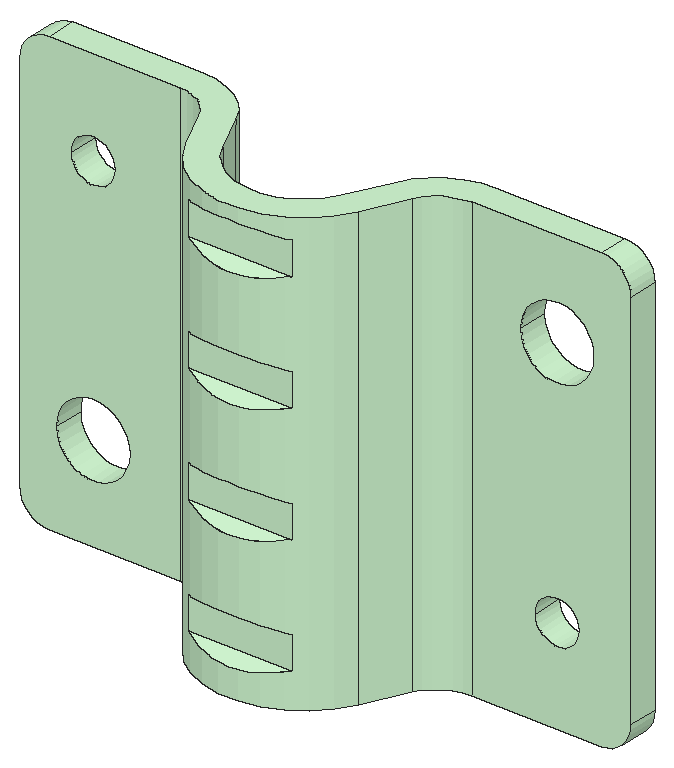
Revit family "ボルトホルダー", category 機械設備, Revit 2022
Family settings
  丸型コネクタ寸法 = 直径を使用
  パーツ タイプ = 標準
  OmniClass 番号 = 23.75.00.00
  OmniClass タイトル = Climate Control (HVAC)
  作業面ベース = いいえ
  常に垂直 = はい
  ロード時にボイドで切り取り = いいえ
  注釈の向きを維持 = いいえ
  共有 = いいえ
  部屋計算ポイント = いいえ
Parameters
  既定の高さ = 0 mm
  K_許容荷重(N) = 900
  K_品名 = "ボルトホルダー"
  K_名称 = "ボルトホルダー"
  K_入数 = "200"
  K_バージョン情報 = "20210714"
Reference planes
  plane 1 "中心(正面/背面)": y = 0
  plane 2: z = 0
  plane 3 "中心(左/右)": x = 0
Forms (mm)
  Extrusion 1, solid
    sketch origin (-0.159, 0.118, -20.583) x (1, 0, 0) y (0, 1, 0)
      loop
        line (20.75, 3.75) -> (9.917, 3.75)
        arc (9.917, 3.75) -> (7.242, 2.974) -> (5.397, 0.887) r 5
        line (5.397, 0.887) -> (4.068, -1.923)
        arc (4.068, -1.923) -> (0, -4.5) -> (-4.068, -1.923) r 4.5
        line (-4.068, -1.923) -> (-5.397, 0.887)
        arc (-5.397, 0.887) -> (-7.242, 2.974) -> (-9.917, 3.75) r 5
        line (-9.917, 3.75) -> (-20.75, 3.75) -> (-20.75, 1.75) -> (-9.917, 1.75)
        arc (-9.917, 1.75) -> (-8.312, 1.284) -> (-7.205, 0.032) r 3
        line (-7.205, 0.032) -> (-5.877, -2.778)
        arc (-5.877, -2.778) -> (0, -6.5) -> (5.877, -2.778) r 6.5
        line (5.877, -2.778) -> (7.205, 0.032)
        arc (7.205, 0.032) -> (8.312, 1.284) -> (9.917, 1.75) r 3
        line (9.917, 1.75) -> (20.75, 1.75) -> (20.75, 3.75)
    from 5.583 to 35.583
  Extrusion 2, void
    sketch origin (-0.159, 0.118, 0) x (1, 0, 0) y (0, 0, 1)
      loop
        circle (-15.75, 8.5) r 1.5
      loop
        circle (15.75, -8.5) r 1.5
    from -3.75 to -1.783
  Extrusion 3, void
    sketch origin (-0.159, 0.118, 0) x (1, 0, 0) y (0, 0, 1)
      loop
        circle (15.75, 8.5) r 2.5
      loop
        circle (-15.75, -8.5) r 2.5
    from -3.75 to -1.783
  Extrusion 4, void
    sketch origin (-0.159, 1.875, 0) x (0, 1, 0) y (0, 0, 1)
      loop
        line (-8.257, 14.104) -> (-8.257, 10.896) -> (-7.25, 11.4) -> (-7.25, 13.6) -> (-8.257, 14.104)
      loop
        line (-8.26, 6.105) -> (-8.26, 2.895) -> (-7.25, 3.4) -> (-7.25, 5.6) -> (-8.26, 6.105)
      loop
        line (-8.257, -1.896) -> (-8.257, -5.104) -> (-7.25, -4.6) -> (-7.25, -2.4) -> (-8.257, -1.896)
      loop
        line (-8.26, -9.895) -> (-8.26, -13.105) -> (-7.25, -12.6) -> (-7.25, -10.4) -> (-8.26, -9.895)
    from -3.538 to 3.538
  Extrusion 5, solid
    sketch origin (-0.159, 0.118, 0) x (1, 0, 0) y (0, 1, 0)
      loop
        arc (-2.5, -3.742) -> (0, -4.5) -> (2.5, -3.742) r 4.5
        line (2.5, -3.742) -> (-2.5, -3.742)
    from 11.4 to 13.6
  Extrusion 6, solid
    sketch origin (-0.159, 0.118, -8) x (1, 0, 0) y (0, 1, 0)
      loop
        arc (-2.5, -3.742) -> (0, -4.5) -> (2.5, -3.742) r 4.5
        line (2.5, -3.742) -> (-2.5, -3.742)
    from 11.4 to 13.6
  Extrusion 7, solid
    sketch origin (-0.159, 0.118, -16) x (1, 0, 0) y (0, 1, 0)
      loop
        arc (-2.5, -3.742) -> (0, -4.5) -> (2.5, -3.742) r 4.5
        line (2.5, -3.742) -> (-2.5, -3.742)
    from 11.4 to 13.6
  Extrusion 8, solid
    sketch origin (-0.159, 0.118, -24) x (1, 0, 0) y (0, 1, 0)
      loop
        arc (-2.5, -3.742) -> (0, -4.5) -> (2.5, -3.742) r 4.5
        line (2.5, -3.742) -> (-2.5, -3.742)
    from 11.4 to 13.6
  Extrusion 9, void
    sketch origin (-0.159, 0.118, 0) x (1, 0, 0) y (0, 0, 1)
      loop
        line (-18.75, 15) -> (-20.75, 15) -> (-20.75, 13)
        arc (-20.75, 13) -> (-20.164, 14.414) -> (-18.75, 15) r 2
      loop
        line (-20.75, -13) -> (-20.75, -15) -> (-18.75, -15)
        arc (-18.75, -15) -> (-20.164, -14.414) -> (-20.75, -13) r 2
      loop
        line (18.75, -15) -> (20.75, -15) -> (20.75, -13)
        arc (20.75, -13) -> (20.164, -14.414) -> (18.75, -15) r 2
      loop
        line (20.75, 13) -> (20.75, 15) -> (18.75, 15)
        arc (18.75, 15) -> (20.164, 14.414) -> (20.75, 13) r 2
    from -3.736 to -1.75
Cuts and joins
  Extrusion 2, Extrusion 3, Extrusion 4, Extrusion 9 cuts Extrusion 1
Dimensions and locks
  aligned and locked: level to plane 2
